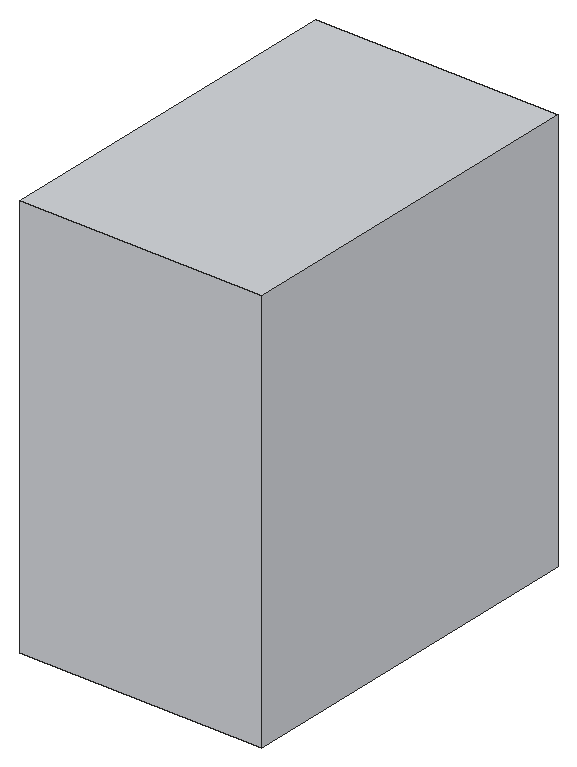
Revit family
Parameters
  Warranty Duration (Years) = 0
  Unit Width [instance] = 1' - 4 1/16"
  Unit Height [instance] = 3' - 5 1/4"
  Unit Depth = 0' - 0 15/16"
  URL = "http://www.americanspecialties.com/viewCategories.cfm"
  Trim Material = Metal - Stainless Steel
  Test Data = ""
  Specification = "http://www.arcat.com/sdspecs/htm/10810asi.htm"
  SpecWizard = ""
  Send Message = "http://www.arcat.com/users.pl?action=UserEmail&company=American%20Specialties,%20Inc.&coid=30448&rep=139&fax=914-476-0688&mf="
  Sales Information = "http://www.americanspecialties.com/contact"
  Revision = "R1_10-2010"
  Product Properties = "http://www.americanspecialties.com/datasheets/94696.pdf"
  Product Data = "http://www.arcat.com/arcatcos/cos30/arc30448.html"
  Model = "As Specified in 10 28 13"
  Manufacturer Website = "http://www.americanspecialties.com/viewCategories.cfm"
  Manufacturer Phone - Toll Free = ""
  Manufacturer Phone = "914-476-9000 "
  Manufacturer Fax = "914-476-0688"
  Manufacturer Address = "441 Saw Mill River Rd., Yonkers, NY 10701"
  Manufacturer = "American Specialties, Inc."
  Maintenance Schedule (Months) = 0
  Keynote = "10 28 13"
  Installation-Fabrication = "http://www.americanspecialties.com/products.cfm"
  Green Building-LEED = ""
  Expected Lifespan (Years) = 0
  Drawn By = "Robert S. Weygant. CSI, CDT, SCIP"  # constant formula
  Description = "Toilet Accessory as Specified in 10 28 13"
  Default Elevation = 4' - 0"
  Copyright = "©Arcat Inc."
  Construction Details = "http://www.arcat.com/green/clients/leed_data_30448.html"
  Building Codes = "http://www.americanspecialties.com/products.cfm"
  Body Material = Metal - Stainless Steel
  Assembly Code = "C1030210"
Reference planes (in)
  plane 1 "Center (Front/Back)": y = -0.29112
  plane 2 "Floor Line": z = 0
  plane 3 "Center (Left/Right)": x = -0.65843
Forms (in)
  Extrusion 1, solid
    sketch origin (-3, -9, -6) x (0, 0, -1) y (1, 0, 0)
      loop
        line (-82, 26) -> (-82, -19.34712) -> (-6, -19.34712) -> (-6, 26) -> (-82, 26)
    from 28.29112 to -41.06337
  Extrusion 2, solid, material "Metal - Stainless Steel" <- "Body Material"
    sketch origin (0, 0, 0) x (1, 0, 0) y (0, 1, 0)
      loop
        line (-7.68968, 19.33388) -> (-7.68968, -19.91612) -> (6.37282, -19.91612) -> (6.37282, 19.33388) -> (-7.68968, 19.33388)
    from 0 to -8.875
  Extrusion 3, solid, material "Metal - Stainless Steel" <- "Body Material"
    sketch origin (-0.90625, -0.29112, 0) x (1, 0, 0) y (0, 0, 1)
      loop
        line (-7.78343, 0) -> (8.27907, 0) -> (8.27907, 0.1875)
        arc (8.27907, 0.1875) -> (8.0594, 0.71783) -> (7.52907, 0.9375) r 0.75
        line (7.52907, 0.9375) -> (-7.03343, 0.9375)
        arc (-7.03343, 0.9375) -> (-7.56376, 0.71783) -> (-7.78343, 0.1875) r 0.75
        line (-7.78343, 0.1875) -> (-7.78343, 0)
    from -20.625 to 20.625
  Extrusion 4, solid, material "Metal - Stainless Steel" <- "Body Material"
    sketch origin (0, 0, 0) x (1, 0, 0) y (0, 1, 0)
      loop
        line (-5.68968, 6.70888) -> (-5.68968, 4.20888) -> (4.37282, 4.20888) -> (4.37282, 6.70888) -> (-5.68968, 6.70888)
      loop
        line (-5.43968, 6.45888) -> (-5.43968, 4.95888) -> (4.12282, 4.95888) -> (4.12282, 6.45888) -> (-5.43968, 6.45888)
    from 0 to -8.72533
  Extrusion 5, void
    sketch origin (0, 0, 0) x (1, 0, 0) y (0, 1, 0)
      loop
        line (-7.68968, 19.33388) -> (-7.68968, -19.91612) -> (6.37282, -19.91612) -> (6.37282, 19.33388) -> (-7.68968, 19.33388)
    from 0 to -9.125
  Extrusion 6, solid, material "Metal - Stainless Steel" <- "Trim Material"
    sketch origin (0, 0, 0) x (1, 0, 0) y (0, 1, 0)
      loop
        circle (5.37282, 11.83388) r 0.5
      loop
        line (5.316, 11.41524) -> (5.42963, 11.41524) -> (5.42963, 12.26475) -> (5.316, 12.26475) -> (5.316, 11.41524)
      loop
        circle (5.37282, -12.41612) r 0.5
      loop
        line (5.316, -11.99747) -> (5.316, -12.84698) -> (5.42963, -12.84698) -> (5.42963, -11.99747) -> (5.316, -11.99747)
    from 0.9375 to 1
  Extrusion 7, solid, material "Metal - Stainless Steel" <- "Trim Material"
    sketch origin (0, 0, 0.4375) x (1, 0, 0) y (0, 1, 0)
      loop
        line (2.98508, 14.70888) -> (2.98508, 9.70888) -> (3.98508, 9.70888) -> (3.98508, 14.70888) -> (2.98508, 14.70888)
      loop
        line (3.04758, 9.77138) -> (3.92258, 9.77138) -> (3.92258, 14.64638) -> (3.04758, 14.64638) -> (3.04758, 9.77138)
    from 0.5 to 0.5625
  Extrusion 8, void
    sketch origin (0.0184, 0, 0.4375) x (1, 0, 0) y (0, 1, 0)
      loop
        line (3.27142, 14.39428) -> (3.27142, 9.92475) -> (3.66193, 9.92475) -> (3.66193, 14.39428) -> (3.27142, 14.39428)
    from 0.04464 to 0.5
  Extrusion 9, solid, material "Metal - Stainless Steel" <- "Trim Material"
    sketch origin (-0.23664, -0.01827, 0.31774) x (0, 1, 0) y (0, 0, 1)
      loop
        line (14.48996, 0.86976) -> (14.23996, 1.36976) -> (13.98996, 1.36976) -> (13.98996, 0.86976) -> (14.48996, 0.86976)
    from 3.44343 to 4
  Extrusion 10, solid, material "Metal - Stainless Steel" <- "Trim Material"
    sketch origin (-0.65843, -0.09978, 0.31774) x (0, 1, 0) y (0, 0, 1)
      loop
        line (14.49406, 0.86976) -> (14.1489, 0.86976) -> (14.1489, 0.1644) -> (14.49406, 0.1644) -> (14.49406, 0.86976)
    from 3.94825 to 4.33876
  Extrusion 11, void
    sketch origin (0, 0, 0) x (1, 0, 0) y (0, 1, 0)
      loop
        arc (-5.93968, 6.70888) -> (-6.47001, 6.48921) -> (-6.68968, 5.95888) r 0.75
        line (-6.68968, 5.95888) -> (-6.68968, -1.04112)
        arc (-6.68968, -1.04112) -> (-6.47001, -1.57145) -> (-5.93968, -1.79112) r 0.75
        line (-5.93968, -1.79112) -> (4.62282, -1.79112)
        arc (4.62282, -1.79112) -> (5.15315, -1.57145) -> (5.37282, -1.04112) r 0.75
        line (5.37282, -1.04112) -> (5.37282, 5.95888)
        arc (5.37282, 5.95888) -> (5.15315, 6.48921) -> (4.62282, 6.70888) r 0.75
        line (4.62282, 6.70888) -> (-5.93968, 6.70888)
    from -8.875 to 0.9375
Cuts and joins
  Extrusion 11 cuts Extrusion 2
  Extrusion 8, Extrusion 11 cuts Extrusion 3
  Extrusion 8 cuts Extrusion 7
  Extrusion 8 cuts Extrusion 10
  Extrusion 11 cuts Extrusion 6
Dimensions and locks (in)
  Extrusion 3 sketch curve to Extrusion 3 sketch curve = 1' - 4 1/16"
  Extrusion 3 sketch curve to Extrusion 3 sketch curve = 0' - 0 15/16"
  aligned and locked: Extrusion 1 to level
  aligned and locked: cut or joined group of Extrusion 2, Extrusion 11 to cut or joined group of Extrusion 3, Extrusion 8, Extrusion 11
